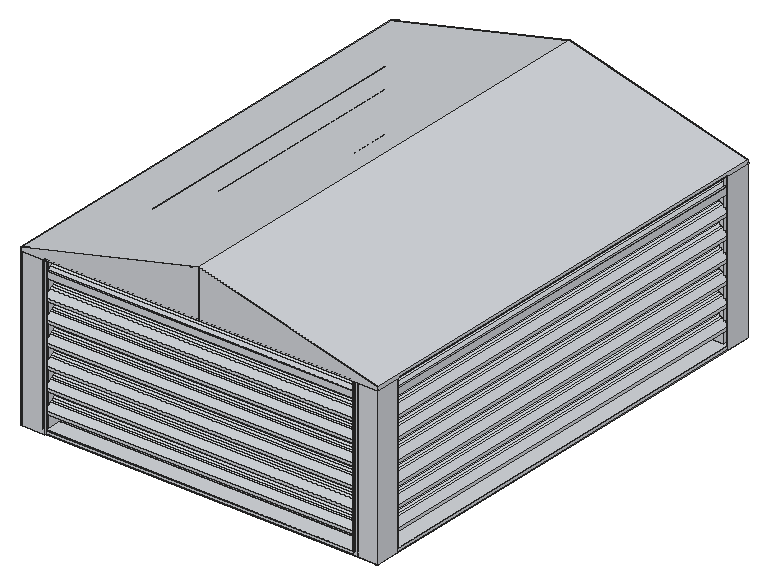
Revit family "PEL-4-SN", category Mechanical Equipment, Revit 2015
Parameters
  URL = "https://unitedenertech.com/catalog/pdf/B_9%20PEL-4-SN.pdf"
  Type Comments = "Louvers will split to Multi Section Assemblies if Max. Sizes are Exceeded. See EL-4 Submittal for Max. Size Listings."
  Model = "PEL-4-SN"
  Manufacturer = "United Enertech Corporation"
  Louver Height [instance] = Height  # 3' - 0"
  Louver B Width [instance] = B + 2' 0"  # 8' - 0"
  Louver A Width [instance] = A + 2' 0"  # 6' - 0"
  Keynote = "Max. Preassembled Size is 72\"w x 220\"l x 80\"h"
  Height = 3' - 0"
  Description = "4\" Deep \"J\" Blade Drainable Snow and Harsh Weather Louvered Penthouse"
  Cap Height [instance] = Height / 3  # 1' - 0"
  B Roof [instance] = B Side O.D. + 0' 0 1/4"  # 8' - 9 1/4"
  B Side O.D. [instance] = Louver B Width + 0' 9"  # 8' - 9"
  B = 6' - 0"
  A Roof [instance] = A Side O.D. + 0' 0 1/4"  # 6' - 9 1/4"
  A Side O.D. [instance] = Louver A Width + 0' 9"  # 6' - 9"
  A = 4' - 0"
Reference planes (in)
  plane 1 "Center (Front/Back)": y = 0
  plane 2: z = 0
  plane 3 "Center (Left/Right)": x = 0
  plane 4: x = -40.5
  plane 5: y = 52.5
  plane 6: x = 40.5
  plane 7: y = -52.5
  plane 8: z = 18
  plane 9: z = 54.22
  plane 10: z = 18.22
  plane 11: y = 36
  plane 12: y = -36
  plane 13: x = -24
  plane 14: x = 24
  plane 15: x = 36
  plane 16: x = -36
  plane 17: y = 48
  plane 18: y = -48
Forms (in)
  Extrusion 1, solid
    sketch origin (39.9625, 19.9659, 0) x (1, 0, 0) y (0, 1, 0)
      loop
        line (-80.5525, 27.1241) -> (-80.4625, 27.1241) -> (-80.4625, 32.5341) -> (-75.0525, 32.5341) -> (-75.0525, 32.6241) -> (-80.5525, 32.6241) -> (-80.5525, 27.1241)
    from 18.22 to 54.22
  Extrusion 2, solid
    sketch origin (-39.9625, 19.9659, 0) x (-1, 0, 0) y (0, -1, 0)
      loop
        line (-80.5525, -27.1241) -> (-80.5525, -32.6241) -> (-75.0525, -32.6241) -> (-75.0525, -32.5341) -> (-80.4625, -32.5341) -> (-80.4625, -27.1241) -> (-80.5525, -27.1241)
    from 18.22 to 54.22
  Extrusion 3, solid
    sketch origin (39.9625, -19.9659, 0) x (1, 0, 0) y (0, 1, 0)
      loop
        line (-80.5525, -27.1241) -> (-80.5525, -32.6241) -> (-75.0525, -32.6241) -> (-75.0525, -32.5341) -> (-80.4625, -32.5341) -> (-80.4625, -27.1241) -> (-80.5525, -27.1241)
    from 18.22 to 54.22
  Extrusion 4, solid
    sketch origin (-39.9625, -19.9659, 0) x (-1, 0, 0) y (0, -1, 0)
      loop
        line (-80.5525, 27.1241) -> (-80.4625, 27.1241) -> (-80.4625, 32.5341) -> (-75.0525, 32.5341) -> (-75.0525, 32.6241) -> (-80.5525, 32.6241) -> (-80.5525, 27.1241)
    from 18.22 to 54.22
  Extrusion 5, solid, material "Steel, Galvanized"
    sketch origin (0, 0, 0) x (1, 0, 0) y (0, 1, 0)
      loop
        line (-40.5, 52.5) -> (-40.5, -52.5) -> (40.5, -52.5) -> (40.5, 52.5) -> (-40.5, 52.5)
      loop
        line (-24, 36) -> (-24, -36) -> (24, -36) -> (24, 36) -> (-24, 36)
    from 18.1722 to 18.22
Dimensions and locks (in)
  equal spacing: plane 4, plane 3 "Center (Left/Right)", plane 6
  "A Side O.D.": plane 4 to plane 6
  equal spacing: plane 5, plane 1 "Center (Front/Back)", plane 7
  "B Side O.D.": plane 5 to plane 7
  locked: plane 8 to plane 10 at 0.22
  "Height": plane 10 to plane 9
  equal spacing: plane 12, plane 1 "Center (Front/Back)", plane 11
  "B": plane 12 to plane 11
  equal spacing: plane 13, plane 3 "Center (Left/Right)", plane 14
  "A": plane 13 to plane 14
  locked: plane 14 to plane 15 at 12
  locked: plane 16 to plane 13 at 12
  locked: plane 17 to plane 11 at 12
  locked: plane 18 to plane 12 at 12
  aligned and locked: level to plane 2
  aligned and locked: plane 3 "Center (Left/Right)" to nested 1
  aligned and locked: nested 1 to plane 7
  aligned and locked: plane 10 to nested 1
  aligned and locked: nested 3 to plane 10
  aligned and locked: nested 3 to plane 3 "Center (Left/Right)"
  aligned and locked: nested 3 to plane 5
  aligned and locked: plane 1 "Center (Front/Back)" to nested 2
  aligned and locked: nested 2 to plane 4
  aligned and locked: plane 10 to nested 2
  aligned and locked: plane 10 to Extrusion 1
  aligned and locked: plane 9 to Extrusion 1
  aligned and locked: Extrusion 2 to plane 5
  aligned and locked: plane 7 to Extrusion 3
  aligned and locked: plane 10 to Extrusion 2
  aligned and locked: plane 9 to Extrusion 2
  aligned and locked: plane 10 to Extrusion 3
  aligned and locked: plane 9 to Extrusion 3
  aligned and locked: plane 10 to Extrusion 4
  aligned and locked: plane 9 to Extrusion 4
  aligned and locked: nested 4 to plane 6
  aligned and locked: nested 4 to plane 1 "Center (Front/Back)"
  aligned and locked: nested 4 to plane 10
  aligned and locked: plane 3 "Center (Left/Right)" to nested 6
  aligned and locked: plane 11 to nested 6
  aligned and locked: nested 7 to plane 12
  aligned and locked: plane 1 "Center (Front/Back)" to nested 5
  aligned and locked: plane 14 to nested 5
  aligned and locked: nested 8 to plane 13
  aligned and locked: nested 7 to plane 8
  aligned and locked: nested 8 to plane 8
  aligned and locked: plane 8 to nested 6
  aligned and locked: plane 8 to nested 5
  aligned and locked: plane 3 "Center (Left/Right)" to nested 9
  aligned and locked: plane 11 to nested 9
  aligned and locked: plane 8 to nested 9
  aligned and locked: nested 11 to plane 3 "Center (Left/Right)"
  aligned and locked: nested 11 to plane 12
  aligned and locked: nested 11 to plane 8
  aligned and locked: plane 1 "Center (Front/Back)" to nested 10
  aligned and locked: plane 8 to nested 10
  aligned and locked: plane 14 to nested 10
  aligned and locked: nested 12 to plane 1 "Center (Front/Back)"
  aligned and locked: nested 12 to plane 13
  aligned and locked: nested 12 to plane 8
  aligned and locked: plane 1 "Center (Front/Back)" to nested 13
  aligned and locked: plane 3 "Center (Left/Right)" to nested 13
  aligned and locked: plane 9 to nested 13
  aligned and locked: Extrusion 5 sketch curve to plane 6
  aligned and locked: plane 7 to Extrusion 5 sketch curve
  aligned and locked: Extrusion 5 sketch curve to plane 5
  aligned and locked: Extrusion 5 sketch curve to plane 4
  aligned and locked: Extrusion 5 sketch curve to plane 14
  aligned and locked: Extrusion 5 sketch curve to plane 12
  aligned and locked: Extrusion 5 sketch curve to plane 13
  aligned and locked: Extrusion 5 sketch curve to plane 11
  aligned and locked: Extrusion 5 to nested 2
  aligned and locked: nested 14 to plane 14
  aligned and locked: nested 14 to plane 12
  aligned and locked: plane 10 to nested 14
  aligned and locked: plane 13 to nested 16
  aligned and locked: plane 12 to nested 16
  aligned and locked: nested 16 to plane 10
  aligned and locked: nested 18 to plane 11
  aligned and locked: nested 18 to plane 13
  aligned and locked: plane 14 to nested 17
  aligned and locked: plane 11 to nested 17
  aligned and locked: plane 10 to nested 18
  aligned and locked: nested 17 to plane 10
  aligned and locked: nested 19 to plane 16
  aligned and locked: nested 19 to plane 18
  aligned and locked: plane 18 to nested 20
  aligned and locked: plane 15 to nested 20
  aligned and locked: plane 16 to nested 21
  aligned and locked: plane 17 to nested 21
  aligned and locked: nested 22 to plane 17
  aligned and locked: nested 22 to plane 15
  aligned and locked: nested 19 to plane 10
  aligned and locked: plane 10 to nested 20
  aligned and locked: plane 10 to nested 21
  aligned and locked: nested 22 to plane 10
  aligned and locked: nested 15 to plane 1 "Center (Front/Back)"
  aligned and locked: nested 15 to nested 20
  aligned and locked: nested 26 to nested 19
  aligned and locked: nested 25 to nested 16
  aligned and locked: nested 24 to nested 14
  aligned and locked: plane 9 to nested 26
  aligned and locked: plane 9 to nested 25
  aligned and locked: plane 9 to nested 24
  aligned and locked: plane 9 to nested 15
  aligned and locked: plane 3 "Center (Left/Right)" to nested 23
  aligned and locked: nested 23 to nested 20
  aligned and locked: nested 27 to nested 16
  aligned and locked: nested 28 to nested 18
  aligned and locked: nested 29 to nested 21
  aligned and locked: nested 23 to nested 26
  aligned and locked: nested 27 to nested 26
  aligned and locked: nested 28 to nested 26
  aligned and locked: nested 29 to nested 26
  aligned and locked: nested 24 to plane 1 "Center (Front/Back)"
  aligned and locked: nested 25 to nested 13
  aligned and locked: nested 26 to plane 1 "Center (Front/Back)"
  aligned and locked: plane 3 "Center (Left/Right)" to nested 27
  aligned and locked: plane 3 "Center (Left/Right)" to nested 29
  aligned and locked: plane 3 "Center (Left/Right)" to nested 28
Automatic sketch dimensions
  Extrusion 1 sketch curve to plane 4 = 0' - 0"
  Extrusion 1 sketch curve to plane 5 = 0' - 0"
  Extrusion 1 sketch curve to Extrusion 1 sketch curve = 0' - 0.09"
  plane 5 to Extrusion 1 sketch curve = 0' - 0.09"
  Extrusion 2 sketch curve to plane 5 = 0' - 0"
  Extrusion 2 sketch curve to plane 6 = 0' - 0"
  Extrusion 2 sketch curve to Extrusion 2 sketch curve = 0' - 0.09"
  Extrusion 2 sketch curve to plane 5 = 0' - 0.09"
  Extrusion 3 sketch curve to plane 4 = 0' - 0"
  Extrusion 3 sketch curve to plane 7 = 0' - 0"
  Extrusion 3 sketch curve to Extrusion 3 sketch curve = 0' - 0.09"
  plane 7 to Extrusion 3 sketch curve = 0' - 0.09"
  Extrusion 4 sketch curve to plane 6 = 0' - 0"
  Extrusion 4 sketch curve to plane 7 = 0' - 0"
  Extrusion 4 sketch curve to Extrusion 4 sketch curve = 0' - 0.09"
  Extrusion 4 sketch curve to plane 7 = 0' - 0.09"
  Extrusion 3 sketch curve to plane 7 = 0' - 5.41"
  plane 7 to Extrusion 4 sketch curve = 0' - 5.41"
  Extrusion 1 sketch curve to plane 5 = 0' - 5.41"
  plane 5 to Extrusion 2 sketch curve = 0' - 5.41"
  plane 6 to Extrusion 2 sketch curve = 0' - 5.41"
  Extrusion 4 sketch curve to plane 6 = 0' - 5.41"
  Extrusion 1 sketch curve to plane 4 = 0' - 5.41"
  plane 4 to Extrusion 3 sketch curve = 0' - 5.41"
Nested families (in)
  nested 1: "EL-4" at (0, -52.5, 18.22), type "EL-4"
    with Blade Number 6, BW 5' - 10 5/16", Exact Width 6' - 0", Exact Height 3' - 0"
  nested 2: "B Side with Blades" at (-40.5, 0, 18.22) x (0, -1, 0) z (0, 0, 1), type "B Side with Blades"
    with Blade Number 6, BW 7' - 10 5/16", Exact Width 8' - 0", Exact Height 3' - 0"
  nested 3: "EL-4" at (0, 52.5, 18.22), type "EL-4"
    with Blade Number 6, BW 5' - 10 5/16", Exact Width 6' - 0", Exact Height 3' - 0"
  nested 4: "B Side with Blades" at (40.5, 0, 18.22) x (0, -1, 0) z (0, 0, 1), type "B Side with Blades"
    with Blade Number 6, BW 7' - 10 5/16", Exact Width 8' - 0", Exact Height 3' - 0"
  nested 5: "Curb Cap Side 2" at (28.875, 0, -0.21007) x (0, -1, 0) z (0, 0, 1), type "Curb Cap Side 2"
    with Width 6' - 0"
  nested 6: "Curb Cap" at (0, 40.875, -0.21007), type "Curb Cap"
    with Width 4' - 0"
  nested 7: "Curb Cap" at (0, -40.875, -0.21007), type "Curb Cap"
    with Width 4' - 0"
  nested 8: "Curb Cap Side 2" at (-28.875, 0, -0.21007) x (0, -1, 0) z (0, 0, 1), type "Curb Cap Side 2"
    with Width 6' - 0"
  nested 9: "SN CAP 1" at (0, 40.875, -0.21007), type "SN CAP 1"
    with Width 4' - 0", H 1' - 0"
  nested 10: "SN CAP 2" at (28.875, 0, -0.21007) x (0, -1, 0) z (0, 0, 1), type "SN CAP 2"
    with Width 6' - 0", H 1' - 0"
  nested 11: "SN CAP 1" at (0, -40.875, -0.21007), type "SN CAP 1"
    with Width 4' - 0", H 1' - 0"
  nested 12: "SN CAP 2" at (-28.875, 0, -0.21007) x (0, -1, 0) z (0, 0, 1), type "SN CAP 2"
    with Width 6' - 0", H 1' - 0"
  nested 13: "SN ROOF" at (0, 0, 53.72), type "SN ROOF"
    with B 8' - 9 1/4", A 6' - 9 1/4"
  nested 14: "Vert Supports" at (24.75, -36.75, 18.22), type "Vert Supports"
    with H 3' - 0"
  nested 15: "Horizontal Supports" at (33.75, -48, 53.47) x (1, 0, 0) z (0, 1, 0), type "Horizontal Supports"
    with H 8' - 0"
  nested 16: "Vert Supports" at (-24.75, -36.75, 18.22) x (-1, 0, 0) z (0, 0, 1), type "Vert Supports"
    with H 3' - 0"
  nested 17: "Vert Supports" at (24.75, 36.75, 18.22), type "Vert Supports"
    with H 3' - 0"
  nested 18: "Vert Supports" at (-24.75, 36.75, 18.22) x (-1, 0, 0) z (0, 0, 1), type "Vert Supports"
    with H 3' - 0"
  nested 19: "Vert Supports" at (-35.25, -47.25, 18.22) x (-1, 0, 0) z (0, 0, 1), type "Vert Supports"
    with H 3' - 0"
  nested 20: "Vert Supports" at (35.25, -47.25, 18.22), type "Vert Supports"
    with H 3' - 0"
  nested 21: "Vert Supports" at (-35.25, 47.25, 18.22) x (-1, 0, 0) z (0, 0, 1), type "Vert Supports"
    with H 3' - 0"
  nested 22: "Vert Supports" at (35.25, 47.25, 18.22), type "Vert Supports"
    with H 3' - 0"
  nested 23: "Horizontal Supports 2" at (-36, -45.75, 51.97) x (0, -1, 0) z (1, 0, 0), type "Horizontal Supports 2"
    with H 6' - 0"
  nested 24: "Horizontal Supports" at (26.25, -48, 53.47) x (1, 0, 0) z (0, 1, 0), type "Horizontal Supports"
    with H 8' - 0"
  nested 25: "Horizontal Supports" at (-26.25, -48, 53.47) x (1, 0, 0) z (0, 1, 0), type "Horizontal Supports"
    with H 8' - 0"
  nested 26: "Horizontal Supports" at (-33.75, -48, 53.47) x (1, 0, 0) z (0, 1, 0), type "Horizontal Supports"
    with H 8' - 0"
  nested 27: "Horizontal Supports 2" at (-36, -38.25, 51.97) x (0, -1, 0) z (1, 0, 0), type "Horizontal Supports 2"
    with H 6' - 0"
  nested 28: "Horizontal Supports 2" at (-36, 38.25, 51.97) x (0, -1, 0) z (1, 0, 0), type "Horizontal Supports 2"
    with H 6' - 0"
  nested 29: "Horizontal Supports 2" at (-36, 45.75, 51.97) x (0, -1, 0) z (1, 0, 0), type "Horizontal Supports 2"
    with H 6' - 0"
Definition of nested family "EL-4"
  Parameters (values of type "EL-4")
    URL = "http://unitedenertech.com/catalog/pdf/A_8%20EL-4.pdf"
    Type Comments = "Max. Single Section Size is (120\"w  x  84\"h) or (84\"h  x  120\"w)"
    Model = "EL-4"
    Manufacturer = "United Enertech Corporation"
    Exact Width = 4' - 0"
    Exact Height = 4' - 0"
    Description = "Fixed 4\" Louver"
    Depth = 0' - 4.21363"
    Blade Spacing = 0' - 4 5/8"
    Blade Number [instance] = rounddown((Exact Height - 0' 4 7/8") / 0' 4 5/8")  # 9
    BW [instance] = Exact Width - 0' 1 11/16"  # 3' - 10 5/16"
  Reference planes (in)
    plane 1 "Center (Front/Back)": y = 0
    plane 2: z = 0
    plane 3 "Center (Left/Right)": x = 0
    plane 4: x = -24
    plane 5: x = 24
    plane 6: z = 48
    plane 7: x = -23.166
    plane 8: x = 23.166
    plane 9: z = 0.875
    plane 10: y = 4.21363
    plane 11: z = 44
  Forms (in)
    Extrusion 1, solid
      sketch origin (-29.66294, -49.65479, 0) x (0, -1, 0) y (1, 0, 0)
        loop
          line (-53.59942, 5.66294) -> (-53.59942, 5.74394) -> (-53.70642, 5.74394) -> (-53.70642, 6.41594) -> (-50.70642, 6.41594) -> (-50.70642, 5.70894) -> (-50.28742, 5.70894) -> (-50.28742, 5.66294) -> (-50.20642, 5.66294) -> (-50.20642, 5.70894) -> (-50.14442, 5.70894) -> (-50.14442, 5.78994) -> (-50.20642, 5.78994) -> (-50.20642, 5.87794) -> (-49.78742, 5.87794) -> (-49.78742, 5.78994) -> (-49.92542, 5.78994) -> (-49.92542, 5.70894) -> (-49.70642, 5.70894) -> (-49.70642, 6.6854) -> (-49.65479, 6.6854) -> (-49.65479, 6.78794) -> (-49.78742, 6.78794) -> (-49.78742, 6.49694) -> (-49.89442, 6.49694) -> (-49.89442, 6.41594) -> (-49.78742, 6.41594) -> (-49.78742, 5.95894) -> (-50.28742, 5.95894) -> (-50.28742, 5.78994) -> (-50.62542, 5.78994) -> (-50.62542, 6.49694) -> (-53.73742, 6.49694) -> (-53.73742, 6.78794) -> (-53.78742, 6.78794) -> (-53.78742, 5.66294) -> (-53.59942, 5.66294)
      from 0.875 to 48
    Extrusion 2, solid
      sketch origin (29.66294, -49.65479, 0) x (0, -1, 0) y (1, 0, 0)
        loop
          line (-53.59942, -5.66294) -> (-53.78742, -5.66294) -> (-53.78742, -6.78794) -> (-53.73742, -6.78794) -> (-53.73742, -6.49694) -> (-50.62542, -6.49694) -> (-50.62542, -5.78994) -> (-50.28742, -5.78994) -> (-50.28742, -5.95894) -> (-49.78742, -5.95894) -> (-49.78742, -6.41594) -> (-49.89442, -6.41594) -> (-49.89442, -6.49694) -> (-49.78742, -6.49694) -> (-49.78742, -6.78794) -> (-49.65479, -6.78794) -> (-49.65479, -6.6854) -> (-49.70642, -6.6854) -> (-49.70642, -5.70894) -> (-49.92542, -5.70894) -> (-49.92542, -5.78994) -> (-49.78742, -5.78994) -> (-49.78742, -5.87794) -> (-50.20642, -5.87794) -> (-50.20642, -5.78994) -> (-50.14442, -5.78994) -> (-50.14442, -5.70894) -> (-50.20642, -5.70894) -> (-50.20642, -5.66294) -> (-50.28742, -5.66294) -> (-50.28742, -5.70894) -> (-50.70642, -5.70894) -> (-50.70642, -6.41594) -> (-53.70642, -6.41594) -> (-53.70642, -5.74394) -> (-53.59942, -5.74394) -> (-53.59942, -5.66294)
      from 0.875 to 48
    Extrusion 3, solid
      sketch origin (-57.96539, 54.07221, -28.49404) x (0, 1, 0) y (0, 0, 1)
        loop
          line (-53.52057, 28.49404) -> (-53.43957, 28.49404) -> (-53.43957, 28.81904) -> (-53.93957, 28.81904) -> (-53.93957, 29.28804) -> (-49.93957, 29.28804) -> (-49.93957, 28.57504) -> (-50.04657, 28.57504) -> (-50.04657, 28.49404) -> (-49.85857, 28.49404) -> (-49.85857, 32.16904) -> (-49.93957, 32.16904) -> (-49.93957, 29.36904) -> (-54.07221, 29.36904) -> (-54.07221, 29.28804) -> (-54.02057, 29.28804) -> (-54.02057, 28.56904) -> (-53.80257, 28.56904) -> (-53.80257, 28.65004) -> (-53.93957, 28.65004) -> (-53.93957, 28.73804) -> (-53.52057, 28.73804) -> (-53.52057, 28.65004) -> (-53.58357, 28.65004) -> (-53.58357, 28.56904) -> (-53.52057, 28.56904) -> (-53.52057, 28.49404)
      from 33.96539 to 81.96539
    Extrusion 4, solid
      sketch origin (0, -4.95997, -5.16732) x (0, 1, 0) y (0, 0, 1)
        loop
          line (5.0926, 48.96871) -> (5.1736, 48.98562) -> (5.1736, 49.16966) -> (5.80531, 49.61935) -> (5.80531, 50.18878) -> (6.22811, 50.82999) -> (6.37647, 50.92928) -> (6.73966, 51.16395) -> (7.46295, 51.63128) -> (8.34759, 52.54232) -> (8.94132, 52.54232) -> (8.94132, 52.29232) -> (9.02232, 52.29232) -> (9.02232, 53.16732) -> (8.83432, 53.16732) -> (8.83432, 53.08632) -> (8.94132, 53.08632) -> (8.94132, 52.62332) -> (5.2054, 52.62332) -> (5.17343, 52.6553) -> (5.17343, 52.84232) -> (5.64813, 52.84232) -> (5.64813, 53.09232) -> (5.59232, 53.09232) -> (5.59232, 53.16732) -> (5.51132, 53.16732) -> (5.51132, 53.09232) -> (5.44932, 53.09232) -> (5.44932, 53.01132) -> (5.56713, 53.01132) -> (5.56713, 52.92332) -> (5.17343, 52.92332) -> (5.17343, 53.01132) -> (5.23032, 53.01132) -> (5.23032, 53.09232) -> (5.09227, 53.09232) -> (5.09227, 52.62332) -> (5.8875, 51.82808) -> (5.94407, 51.88465) -> (5.28554, 52.54318) -> (8.23552, 52.54318) -> (7.40333, 51.6892) -> (6.17378, 50.89475) -> (5.72431, 50.21308) -> (5.72431, 49.66112) -> (5.1736, 49.26909) -> (5.1736, 50.32304) -> (5.0926, 50.32304) -> (5.0926, 48.96871)
      from -23.166 to 23.166
  Dimensions and locks (in)
    equal spacing: plane 4, plane 3 "Center (Left/Right)", plane 5
    "Exact Width": plane 4 to plane 5
    "Exact Height": plane 6 to level
    locked: plane 4 to plane 7 at 0.834
    locked: plane 8 to plane 5 at 0.834
    locked: plane 9 to level at 0.875
    "Depth": plane 1 "Center (Front/Back)" to plane 10
    locked: plane 6 to plane 11 at 4
    equal spacing: group 1, group 2, group 3, group 4, group 5, group 6, group 7, group 8, group 9  (x2)
    equal spacing: group 9, group 8, group 7, group 6, group 5, group 4, group 3, group 2, group 1
    "Blade Spacing": nested 2 to nested 1
    aligned and locked: level to plane 2
    aligned and locked: Extrusion 3 to plane 5
    aligned and locked: plane 4 to Extrusion 3
    aligned and locked: Extrusion 1 to plane 9
    aligned and locked: Extrusion 2 to plane 9
    aligned and locked: plane 6 to Extrusion 1
    aligned and locked: plane 6 to Extrusion 2
    aligned and locked: plane 6 to Extrusion 4
    aligned and locked: plane 7 to Extrusion 4
    aligned and locked: Extrusion 4 to plane 8
    aligned and locked: plane 3 "Center (Left/Right)" to nested 1
    aligned and locked: plane 11 to nested 1
    aligned and locked: nested 2 to nested 1
  Automatic sketch dimensions
    Extrusion 1 sketch curve to plane 4 = 0' - 0"  (x2)
    Extrusion 1 sketch curve to plane 7 = 0' - 0"  (x2)
    plane 1 "Center (Front/Back)" to Extrusion 1 sketch curve = 0' - 0"
    Extrusion 1 sketch curve to plane 1 "Center (Front/Back)" = 0' - 0.05163"
    Extrusion 1 sketch curve to plane 1 "Center (Front/Back)" = 0' - 0.13263"
    Extrusion 1 sketch curve to Extrusion 1 sketch curve = 0' - 0"
    Extrusion 1 sketch curve to Extrusion 1 sketch curve = 0' - 0.081"  (x8)
    Extrusion 1 sketch curve to Extrusion 1 sketch curve = 0' - 0.107"  (x2)
    Extrusion 1 sketch curve to Extrusion 1 sketch curve = 0' - 0.138"
    Extrusion 1 sketch curve to Extrusion 1 sketch curve = 0' - 0.219"
    Extrusion 1 sketch curve to Extrusion 1 sketch curve = 0' - 0.062"  (x2)
    Extrusion 1 sketch curve to plane 4 = 0' - 0.127"
    Extrusion 1 sketch curve to Extrusion 1 sketch curve = 0' - 0.338"
    Extrusion 1 sketch curve to Extrusion 1 sketch curve = 0' - 2.893"
    plane 7 to Extrusion 1 sketch curve = 0' - 0.081"  (x2)
    Extrusion 1 sketch curve to Extrusion 1 sketch curve = 0' - 0.031"
    Extrusion 1 sketch curve to Extrusion 1 sketch curve = 0' - 0.05"
    Extrusion 1 sketch curve to plane 4 = 0' - 0.046"  (x3)
    Extrusion 1 sketch curve to Extrusion 1 sketch curve = 0' - 0.088"
    Extrusion 1 sketch curve to plane 7 = 0' - 0.18846"
    Extrusion 1 sketch curve to Extrusion 1 sketch curve = 0' - 0.291"
    Extrusion 1 sketch curve to Extrusion 1 sketch curve = 0' - 0.10254"
    Extrusion 2 sketch curve to plane 5 = 0' - 0"  (x2)
    Extrusion 2 sketch curve to plane 8 = 0' - 0"  (x2)
    plane 1 "Center (Front/Back)" to Extrusion 2 sketch curve = 0' - 0"
    Extrusion 2 sketch curve to plane 1 "Center (Front/Back)" = 0' - 0.05163"
    Extrusion 2 sketch curve to plane 1 "Center (Front/Back)" = 0' - 0.13263"
    Extrusion 2 sketch curve to Extrusion 2 sketch curve = 0' - 0"
    Extrusion 2 sketch curve to Extrusion 2 sketch curve = 0' - 0.081"  (x6)
    Extrusion 2 sketch curve to Extrusion 2 sketch curve = 0' - 0.107"  (x2)
    Extrusion 2 sketch curve to Extrusion 2 sketch curve = 0' - 0.138"
    Extrusion 2 sketch curve to Extrusion 2 sketch curve = 0' - 0.219"
    Extrusion 2 sketch curve to Extrusion 2 sketch curve = 0' - 0.062"  (x2)
    plane 5 to Extrusion 2 sketch curve = 0' - 0.127"  (x2)
    Extrusion 2 sketch curve to Extrusion 2 sketch curve = 0' - 0.338"
    Extrusion 2 sketch curve to Extrusion 2 sketch curve = 0' - 2.893"
    Extrusion 2 sketch curve to plane 8 = 0' - 0.081"  (x2)
    Extrusion 2 sketch curve to Extrusion 2 sketch curve = 0' - 0.031"
    Extrusion 2 sketch curve to Extrusion 2 sketch curve = 0' - 0.05"
    plane 8 to Extrusion 2 sketch curve = 0' - 0.18846"
    Extrusion 2 sketch curve to Extrusion 2 sketch curve = 0' - 0.291"
    Extrusion 2 sketch curve to Extrusion 2 sketch curve = 0' - 0.10254"
    plane 5 to Extrusion 2 sketch curve = 0' - 0.296"
    Extrusion 2 sketch curve to Extrusion 2 sketch curve = 0' - 0.088"
    plane 5 to Extrusion 2 sketch curve = 0' - 0.046"  (x3)
    Extrusion 3 sketch curve to plane 1 "Center (Front/Back)" = 0' - 0"
    Extrusion 3 sketch curve to level = 0' - 0"  (x2)
    Extrusion 3 sketch curve to plane 9 = 0' - 0"
    Extrusion 3 sketch curve to Extrusion 3 sketch curve = 0' - 0.05163"
    Extrusion 3 sketch curve to Extrusion 3 sketch curve = 0' - 0.081"  (x6)
    Extrusion 3 sketch curve to Extrusion 3 sketch curve = 0' - 0"  (x2)
    Extrusion 3 sketch curve to Extrusion 3 sketch curve = 0' - 0.137"
    level to Extrusion 3 sketch curve = 0' - 0.075"  (x2)
    Extrusion 3 sketch curve to Extrusion 3 sketch curve = 0' - 0.219"
    Extrusion 3 sketch curve to Extrusion 3 sketch curve = 0' - 0.063"  (x2)
    Extrusion 3 sketch curve to Extrusion 3 sketch curve = 0' - 3.393"
    Extrusion 3 sketch curve to Extrusion 3 sketch curve = 0' - 0.107"
    level to Extrusion 3 sketch curve = 0' - 0.081"
    Extrusion 3 sketch curve to Extrusion 3 sketch curve = 0' - 0.088"
    Extrusion 3 sketch curve to plane 9 = 0' - 0.081"  (x2)
    Extrusion 3 sketch curve to Extrusion 3 sketch curve = 0' - 2.8"
    Extrusion 4 sketch curve to plane 6 = 0' - 2.84428"
    Extrusion 4 sketch curve to plane 1 "Center (Front/Back)" = 0' - 0.13263"
    Extrusion 4 sketch curve to Extrusion 4 sketch curve = 0' - 0.08082"
    Extrusion 4 sketch curve to Extrusion 4 sketch curve = 0' - 0"  (x3)
    Extrusion 4 sketch curve to Extrusion 4 sketch curve = 0' - 0.081"  (x10)
    Extrusion 4 sketch curve to Extrusion 4 sketch curve = 0' - 0.03198"  (x2)
    Extrusion 4 sketch curve to Extrusion 4 sketch curve = 0' - 0.05689"
    Extrusion 4 sketch curve to Extrusion 4 sketch curve = 0' - 0.08014"
    Extrusion 4 sketch curve to Extrusion 4 sketch curve = 0' - 0.219"
    Extrusion 4 sketch curve to Extrusion 4 sketch curve = 0' - 0.062"
    Extrusion 4 sketch curve to Extrusion 4 sketch curve = 0' - 0.05581"  (x2)
    Extrusion 4 sketch curve to Extrusion 4 sketch curve = 0' - 0.55071"
    Extrusion 4 sketch curve to Extrusion 4 sketch curve = 0' - 0.60196"
    Extrusion 4 sketch curve to plane 6 = 0' - 1.28267"
    Extrusion 4 sketch curve to Extrusion 4 sketch curve = 0' - 0.05657"  (x2)
    Extrusion 4 sketch curve to plane 6 = 0' - 2.27257"
    Extrusion 4 sketch curve to Extrusion 4 sketch curve = 0' - 0.36847"
    Extrusion 4 sketch curve to plane 6 = 0' - 2.33733"
    Extrusion 4 sketch curve to Extrusion 4 sketch curve = 0' - 0.05432"
    Extrusion 4 sketch curve to plane 6 = 0' - 2.23804"
    Extrusion 4 sketch curve to Extrusion 4 sketch curve = 0' - 0.14837"
    Extrusion 4 sketch curve to plane 6 = 0' - 2.00337"
    Extrusion 4 sketch curve to Extrusion 4 sketch curve = 0' - 0.36319"
    Extrusion 4 sketch curve to plane 6 = 0' - 1.47813"
    Extrusion 4 sketch curve to Extrusion 4 sketch curve = 0' - 0.66366"
    Extrusion 4 sketch curve to plane 6 = 0' - 1.53604"
    Extrusion 4 sketch curve to Extrusion 4 sketch curve = 0' - 0.05962"
    Extrusion 4 sketch curve to Extrusion 4 sketch curve = 0' - 0.83219"
    Extrusion 4 sketch curve to Extrusion 4 sketch curve = 0' - 0.11207"
    Extrusion 4 sketch curve to Extrusion 4 sketch curve = 0' - 0.48673"
    Extrusion 4 sketch curve to Extrusion 4 sketch curve = 0' - 0.107"
    Extrusion 4 sketch curve to Extrusion 4 sketch curve = 0' - 0.10997"
    Extrusion 4 sketch curve to Extrusion 4 sketch curve = 0' - 0.0243"
    Extrusion 4 sketch curve to Extrusion 4 sketch curve = 0' - 0.52766"
    Extrusion 4 sketch curve to Extrusion 4 sketch curve = 0' - 0.04177"
    Extrusion 4 sketch curve to Extrusion 4 sketch curve = 0' - 0.39203"
    Extrusion 4 sketch curve to Extrusion 4 sketch curve = 0' - 0.09943"
    Extrusion 4 sketch curve to Extrusion 4 sketch curve = 0' - 0.18404"
    Extrusion 4 sketch curve to Extrusion 4 sketch curve = 0' - 0.01691"
    Extrusion 4 sketch curve to Extrusion 4 sketch curve = 0' - 0.25086"
    Extrusion 4 sketch curve to Extrusion 4 sketch curve = 0' - 0 1/4"
    Extrusion 4 sketch curve to Extrusion 4 sketch curve = 0' - 0.18702"
    Extrusion 4 sketch curve to Extrusion 4 sketch curve = 0' - 0.088"  (x2)
    Extrusion 4 sketch curve to Extrusion 4 sketch curve = 0' - 0.463"
    Extrusion 4 sketch curve to Extrusion 4 sketch curve = 0' - 0.075"
    Extrusion 4 sketch curve to Extrusion 4 sketch curve = 0' - 0.08116"
  Nested families (in)
    nested 1: "EL-4 Blade" at (0, 4.92101, 35.5882), type "EL-4 Blade"
      with Blade Width 3' - 10 5/16"
    nested 2: "EL-4 Blade" at (0, 4.92101, 30.9632), type "EL-4 Blade"
      with Blade Width 3' - 10 5/16"
    nested 3: "EL-4 Blade" at (0, 4.92101, 26.3382), type "EL-4 Blade"
      with Blade Width 3' - 10 5/16"
    nested 4: "EL-4 Blade" at (0, 4.92101, 21.7132), type "EL-4 Blade"
      with Blade Width 3' - 10 5/16"
    nested 5: "EL-4 Blade" at (0, 4.92101, 17.0882), type "EL-4 Blade"
      with Blade Width 3' - 10 5/16"
    nested 6: "EL-4 Blade" at (0, 4.92101, 12.4632), type "EL-4 Blade"
      with Blade Width 3' - 10 5/16"
    nested 7: "EL-4 Blade" at (0, 4.92101, 7.8382), type "EL-4 Blade"
      with Blade Width 3' - 10 5/16"
    nested 8: "EL-4 Blade" at (0, 4.92101, 3.2132), type "EL-4 Blade"
      with Blade Width 3' - 10 5/16"
    nested 9: "EL-4 Blade" at (0, 4.92101, -1.4118), type "EL-4 Blade"
      with Blade Width 3' - 10 5/16"
  Definition of nested family "EL-4 Blade"
    Parameters (values of type "EL-4 Blade")
      Blade Width = 1' - 6"
    Reference planes (in)
      plane 1 "Center (Front/Back)": y = 0
      plane 2: z = 0
      plane 3 "Center (Left/Right)": x = 0
      plane 4: x = -9
      plane 5: x = 9
    Forms (in)
      Extrusion 1, solid
        sketch origin (-10.70347, -9.60614, 8.80962) x (0, 1, 0) y (0, 0, 1)
          loop
            line (4.81777, -5.22142) -> (4.89877, -5.20451) -> (4.89877, -4.65643) -> (5.94601, -3.32804) -> (6.10223, -3.26126) -> (6.59277, -2.97805) -> (7.06625, -2.63173) -> (7.46443, -2.27055) -> (7.87309, -1.81036) -> (7.93365, -1.7391) -> (8.19133, -1.64781) -> (8.77529, -1.64781) -> (8.77529, -0.39781) -> (8.65029, -0.39781) -> (8.65029, -0.47911) -> (8.69429, -0.47911) -> (8.69429, -1.56681) -> (8.17804, -1.56681) -> (7.88437, -1.66476) -> (7.54911, -2.06666) -> (7.20133, -2.41027) -> (6.79536, -2.74072) -> (6.37764, -3.0179) -> (5.92224, -3.26034) -> (4.81777, -4.61709) -> (4.81777, -5.22142)
        from 1.70347 to 19.70347
    Dimensions and locks (in)
      equal spacing: plane 4, plane 3 "Center (Left/Right)", plane 5
      "Blade Width": plane 4 to plane 5
      aligned and locked: level to plane 2
      aligned and locked: plane 4 to Extrusion 1
      aligned and locked: plane 5 to Extrusion 1
    Automatic sketch dimensions
      plane 1 "Center (Front/Back)" to Extrusion 1 sketch curve = 0' - 4.78838"
      Extrusion 1 sketch curve to Extrusion 1 sketch curve = 0' - 0.081"  (x3)
      Extrusion 1 sketch curve to Extrusion 1 sketch curve = 0' - 1.02348"
      Extrusion 1 sketch curve to Extrusion 1 sketch curve = 0' - 0.02377"
      Extrusion 1 sketch curve to Extrusion 1 sketch curve = 0' - 0.15623"
      Extrusion 1 sketch curve to Extrusion 1 sketch curve = 0' - 0.27541"
      Extrusion 1 sketch curve to Extrusion 1 sketch curve = 0' - 0.21513"
      Extrusion 1 sketch curve to Extrusion 1 sketch curve = 0' - 0.20259"
      Extrusion 1 sketch curve to Extrusion 1 sketch curve = 0' - 0.27089"
      Extrusion 1 sketch curve to Extrusion 1 sketch curve = 0' - 0.13508"
      Extrusion 1 sketch curve to Extrusion 1 sketch curve = 0' - 0.2631"
      Extrusion 1 sketch curve to Extrusion 1 sketch curve = 0' - 0.08468"
      Extrusion 1 sketch curve to Extrusion 1 sketch curve = 0' - 0.32399"
      Extrusion 1 sketch curve to Extrusion 1 sketch curve = 0' - 0.01128"
      Extrusion 1 sketch curve to Extrusion 1 sketch curve = 0' - 0.04928"
      Extrusion 1 sketch curve to Extrusion 1 sketch curve = 0' - 0.24439"
      Extrusion 1 sketch curve to Extrusion 1 sketch curve = 0' - 0.01329"
      plane 1 "Center (Front/Back)" to Extrusion 1 sketch curve = 0' - 0.95585"
      Extrusion 1 sketch curve to Extrusion 1 sketch curve = 0' - 0.044"
      level to Extrusion 1 sketch curve = 0' - 3.5882"
      Extrusion 1 sketch curve to Extrusion 1 sketch curve = 0' - 0.01691"
      Extrusion 1 sketch curve to Extrusion 1 sketch curve = 0' - 0.54808"
      Extrusion 1 sketch curve to Extrusion 1 sketch curve = 0' - 0.03934"
      Extrusion 1 sketch curve to Extrusion 1 sketch curve = 0' - 1.32839"
      Extrusion 1 sketch curve to Extrusion 1 sketch curve = 0' - 0.06678"
      Extrusion 1 sketch curve to Extrusion 1 sketch curve = 0' - 0.0677"
      Extrusion 1 sketch curve to Extrusion 1 sketch curve = 0' - 0.24336"
      Extrusion 1 sketch curve to Extrusion 1 sketch curve = 0' - 0.03985"
      Extrusion 1 sketch curve to Extrusion 1 sketch curve = 0' - 0.23733"
      Extrusion 1 sketch curve to Extrusion 1 sketch curve = 0' - 0.10899"
      Extrusion 1 sketch curve to Extrusion 1 sketch curve = 0' - 0.22146"
      Extrusion 1 sketch curve to Extrusion 1 sketch curve = 0' - 0.13972"
      Extrusion 1 sketch curve to Extrusion 1 sketch curve = 0' - 0.20389"
      Extrusion 1 sketch curve to Extrusion 1 sketch curve = 0' - 0.2563"
      Extrusion 1 sketch curve to Extrusion 1 sketch curve = 0' - 0.07127"
      Extrusion 1 sketch curve to Extrusion 1 sketch curve = 0' - 0.07433"
      Extrusion 1 sketch curve to Extrusion 1 sketch curve = 0' - 0.09128"
      Extrusion 1 sketch curve to Extrusion 1 sketch curve = 0' - 1.0877"
      Extrusion 1 sketch curve to Extrusion 1 sketch curve = 0' - 0.0813"
Definition of nested family "B Side with Blades"
  Parameters (values of type "B Side with Blades")
    URL = "http://unitedenertech.com/catalog/pdf/A_8%20EL-4.pdf"
    Type Comments = "Max. Single Section Size is (120\"w  x  84\"h) or (84\"h  x  120\"w)"
    Model = "EL-4"
    Manufacturer = "United Enertech Corporation"
    Exact Width = 4' - 0"
    Exact Height = 4' - 0"
    Description = "Fixed 4\" Louver"
    Depth = 0' - 4.21363"
    Blade Spacing = 0' - 4 5/8"
    Blade Number [instance] = rounddown((Exact Height - 0' 4 7/8") / 0' 4 5/8")  # 9
    BW [instance] = Exact Width - 0' 1 11/16"  # 3' - 10 5/16"
  Reference planes (in)
    plane 1 "Center (Front/Back)": y = 0
    plane 2: z = 0
    plane 3 "Center (Left/Right)": x = 0
    plane 4: x = -24
    plane 5: x = 24
    plane 6: z = 48
    plane 7: x = -23.166
    plane 8: x = 23.166
    plane 9: z = 0.875
    plane 10: y = 4.21363
    plane 11: z = 44
  Forms (in)
    Extrusion 1, solid
      sketch origin (-29.66294, -49.65479, 0) x (0, -1, 0) y (1, 0, 0)
        loop
          line (-53.59942, 5.66294) -> (-53.59942, 5.74394) -> (-53.70642, 5.74394) -> (-53.70642, 6.41594) -> (-50.70642, 6.41594) -> (-50.70642, 5.70894) -> (-50.28742, 5.70894) -> (-50.28742, 5.66294) -> (-50.20642, 5.66294) -> (-50.20642, 5.70894) -> (-50.14442, 5.70894) -> (-50.14442, 5.78994) -> (-50.20642, 5.78994) -> (-50.20642, 5.87794) -> (-49.78742, 5.87794) -> (-49.78742, 5.78994) -> (-49.92542, 5.78994) -> (-49.92542, 5.70894) -> (-49.70642, 5.70894) -> (-49.70642, 6.6854) -> (-49.65479, 6.6854) -> (-49.65479, 6.78794) -> (-49.78742, 6.78794) -> (-49.78742, 6.49694) -> (-49.89442, 6.49694) -> (-49.89442, 6.41594) -> (-49.78742, 6.41594) -> (-49.78742, 5.95894) -> (-50.28742, 5.95894) -> (-50.28742, 5.78994) -> (-50.62542, 5.78994) -> (-50.62542, 6.49694) -> (-53.73742, 6.49694) -> (-53.73742, 6.78794) -> (-53.78742, 6.78794) -> (-53.78742, 5.66294) -> (-53.59942, 5.66294)
      from 0.875 to 48
    Extrusion 2, solid
      sketch origin (29.66294, -49.65479, 0) x (0, -1, 0) y (1, 0, 0)
        loop
          line (-53.59942, -5.66294) -> (-53.78742, -5.66294) -> (-53.78742, -6.78794) -> (-53.73742, -6.78794) -> (-53.73742, -6.49694) -> (-50.62542, -6.49694) -> (-50.62542, -5.78994) -> (-50.28742, -5.78994) -> (-50.28742, -5.95894) -> (-49.78742, -5.95894) -> (-49.78742, -6.41594) -> (-49.89442, -6.41594) -> (-49.89442, -6.49694) -> (-49.78742, -6.49694) -> (-49.78742, -6.78794) -> (-49.65479, -6.78794) -> (-49.65479, -6.6854) -> (-49.70642, -6.6854) -> (-49.70642, -5.70894) -> (-49.92542, -5.70894) -> (-49.92542, -5.78994) -> (-49.78742, -5.78994) -> (-49.78742, -5.87794) -> (-50.20642, -5.87794) -> (-50.20642, -5.78994) -> (-50.14442, -5.78994) -> (-50.14442, -5.70894) -> (-50.20642, -5.70894) -> (-50.20642, -5.66294) -> (-50.28742, -5.66294) -> (-50.28742, -5.70894) -> (-50.70642, -5.70894) -> (-50.70642, -6.41594) -> (-53.70642, -6.41594) -> (-53.70642, -5.74394) -> (-53.59942, -5.74394) -> (-53.59942, -5.66294)
      from 0.875 to 48
    Extrusion 3, solid
      sketch origin (-57.96539, 54.07221, -28.49404) x (0, 1, 0) y (0, 0, 1)
        loop
          line (-53.52057, 28.49404) -> (-53.43957, 28.49404) -> (-53.43957, 28.81904) -> (-53.93957, 28.81904) -> (-53.93957, 29.28804) -> (-49.93957, 29.28804) -> (-49.93957, 28.57504) -> (-50.04657, 28.57504) -> (-50.04657, 28.49404) -> (-49.85857, 28.49404) -> (-49.85857, 32.16904) -> (-49.93957, 32.16904) -> (-49.93957, 29.36904) -> (-54.07221, 29.36904) -> (-54.07221, 29.28804) -> (-54.02057, 29.28804) -> (-54.02057, 28.56904) -> (-53.80257, 28.56904) -> (-53.80257, 28.65004) -> (-53.93957, 28.65004) -> (-53.93957, 28.73804) -> (-53.52057, 28.73804) -> (-53.52057, 28.65004) -> (-53.58357, 28.65004) -> (-53.58357, 28.56904) -> (-53.52057, 28.56904) -> (-53.52057, 28.49404)
      from 33.96539 to 81.96539
    Extrusion 4, solid
      sketch origin (0, -4.95997, -5.16732) x (0, 1, 0) y (0, 0, 1)
        loop
          line (5.0926, 48.96871) -> (5.1736, 48.98562) -> (5.1736, 49.16966) -> (5.80531, 49.61935) -> (5.80531, 50.18878) -> (6.22811, 50.82999) -> (6.37647, 50.92928) -> (6.73966, 51.16395) -> (7.46295, 51.63128) -> (8.34759, 52.54232) -> (8.94132, 52.54232) -> (8.94132, 52.29232) -> (9.02232, 52.29232) -> (9.02232, 53.16732) -> (8.83432, 53.16732) -> (8.83432, 53.08632) -> (8.94132, 53.08632) -> (8.94132, 52.62332) -> (5.2054, 52.62332) -> (5.17343, 52.6553) -> (5.17343, 52.84232) -> (5.64813, 52.84232) -> (5.64813, 53.09232) -> (5.59232, 53.09232) -> (5.59232, 53.16732) -> (5.51132, 53.16732) -> (5.51132, 53.09232) -> (5.44932, 53.09232) -> (5.44932, 53.01132) -> (5.56713, 53.01132) -> (5.56713, 52.92332) -> (5.17343, 52.92332) -> (5.17343, 53.01132) -> (5.23032, 53.01132) -> (5.23032, 53.09232) -> (5.09227, 53.09232) -> (5.09227, 52.62332) -> (5.8875, 51.82808) -> (5.94407, 51.88465) -> (5.28554, 52.54318) -> (8.23552, 52.54318) -> (7.40333, 51.6892) -> (6.17378, 50.89475) -> (5.72431, 50.21308) -> (5.72431, 49.66112) -> (5.1736, 49.26909) -> (5.1736, 50.32304) -> (5.0926, 50.32304) -> (5.0926, 48.96871)
      from -23.166 to 23.166
  Dimensions and locks (in)
    equal spacing: plane 4, plane 3 "Center (Left/Right)", plane 5
    "Exact Width": plane 4 to plane 5
    "Exact Height": plane 6 to level
    locked: plane 4 to plane 7 at 0.834
    locked: plane 8 to plane 5 at 0.834
    locked: plane 9 to level at 0.875
    "Depth": plane 1 "Center (Front/Back)" to plane 10
    locked: plane 6 to plane 11 at 4
    equal spacing: group 1, group 2, group 3, group 4, group 5, group 6, group 7, group 8, group 9  (x2)
    equal spacing: group 9, group 8, group 7, group 6, group 5, group 4, group 3, group 2, group 1
    "Blade Spacing": nested 2 to nested 1
    aligned and locked: level to plane 2
    aligned and locked: Extrusion 3 to plane 5
    aligned and locked: plane 4 to Extrusion 3
    aligned and locked: Extrusion 1 to plane 9
    aligned and locked: Extrusion 2 to plane 9
    aligned and locked: plane 6 to Extrusion 1
    aligned and locked: plane 6 to Extrusion 2
    aligned and locked: plane 6 to Extrusion 4
    aligned and locked: plane 7 to Extrusion 4
    aligned and locked: Extrusion 4 to plane 8
    aligned and locked: plane 3 "Center (Left/Right)" to nested 1
    aligned and locked: plane 11 to nested 1
    aligned and locked: nested 2 to nested 1
  Automatic sketch dimensions
    Extrusion 1 sketch curve to plane 4 = 0' - 0"  (x2)
    Extrusion 1 sketch curve to plane 7 = 0' - 0"  (x2)
    plane 1 "Center (Front/Back)" to Extrusion 1 sketch curve = 0' - 0"
    Extrusion 1 sketch curve to plane 1 "Center (Front/Back)" = 0' - 0.05163"
    Extrusion 1 sketch curve to plane 1 "Center (Front/Back)" = 0' - 0.13263"
    Extrusion 1 sketch curve to Extrusion 1 sketch curve = 0' - 0"
    Extrusion 1 sketch curve to Extrusion 1 sketch curve = 0' - 0.081"  (x8)
    Extrusion 1 sketch curve to Extrusion 1 sketch curve = 0' - 0.107"  (x2)
    Extrusion 1 sketch curve to Extrusion 1 sketch curve = 0' - 0.138"
    Extrusion 1 sketch curve to Extrusion 1 sketch curve = 0' - 0.219"
    Extrusion 1 sketch curve to Extrusion 1 sketch curve = 0' - 0.062"  (x2)
    Extrusion 1 sketch curve to plane 4 = 0' - 0.127"
    Extrusion 1 sketch curve to Extrusion 1 sketch curve = 0' - 0.338"
    Extrusion 1 sketch curve to Extrusion 1 sketch curve = 0' - 2.893"
    plane 7 to Extrusion 1 sketch curve = 0' - 0.081"  (x2)
    Extrusion 1 sketch curve to Extrusion 1 sketch curve = 0' - 0.031"
    Extrusion 1 sketch curve to Extrusion 1 sketch curve = 0' - 0.05"
    Extrusion 1 sketch curve to plane 4 = 0' - 0.046"  (x3)
    Extrusion 1 sketch curve to Extrusion 1 sketch curve = 0' - 0.088"
    Extrusion 1 sketch curve to plane 7 = 0' - 0.18846"
    Extrusion 1 sketch curve to Extrusion 1 sketch curve = 0' - 0.291"
    Extrusion 1 sketch curve to Extrusion 1 sketch curve = 0' - 0.10254"
    Extrusion 2 sketch curve to plane 5 = 0' - 0"  (x2)
    Extrusion 2 sketch curve to plane 8 = 0' - 0"  (x2)
    plane 1 "Center (Front/Back)" to Extrusion 2 sketch curve = 0' - 0"
    Extrusion 2 sketch curve to plane 1 "Center (Front/Back)" = 0' - 0.05163"
    Extrusion 2 sketch curve to plane 1 "Center (Front/Back)" = 0' - 0.13263"
    Extrusion 2 sketch curve to Extrusion 2 sketch curve = 0' - 0"
    Extrusion 2 sketch curve to Extrusion 2 sketch curve = 0' - 0.081"  (x6)
    Extrusion 2 sketch curve to Extrusion 2 sketch curve = 0' - 0.107"  (x2)
    Extrusion 2 sketch curve to Extrusion 2 sketch curve = 0' - 0.138"
    Extrusion 2 sketch curve to Extrusion 2 sketch curve = 0' - 0.219"
    Extrusion 2 sketch curve to Extrusion 2 sketch curve = 0' - 0.062"  (x2)
    plane 5 to Extrusion 2 sketch curve = 0' - 0.127"  (x2)
    Extrusion 2 sketch curve to Extrusion 2 sketch curve = 0' - 0.338"
    Extrusion 2 sketch curve to Extrusion 2 sketch curve = 0' - 2.893"
    Extrusion 2 sketch curve to plane 8 = 0' - 0.081"  (x2)
    Extrusion 2 sketch curve to Extrusion 2 sketch curve = 0' - 0.031"
    Extrusion 2 sketch curve to Extrusion 2 sketch curve = 0' - 0.05"
    plane 8 to Extrusion 2 sketch curve = 0' - 0.18846"
    Extrusion 2 sketch curve to Extrusion 2 sketch curve = 0' - 0.291"
    Extrusion 2 sketch curve to Extrusion 2 sketch curve = 0' - 0.10254"
    plane 5 to Extrusion 2 sketch curve = 0' - 0.296"
    Extrusion 2 sketch curve to Extrusion 2 sketch curve = 0' - 0.088"
    plane 5 to Extrusion 2 sketch curve = 0' - 0.046"  (x3)
    Extrusion 3 sketch curve to plane 1 "Center (Front/Back)" = 0' - 0"
    Extrusion 3 sketch curve to level = 0' - 0"  (x2)
    Extrusion 3 sketch curve to plane 9 = 0' - 0"
    Extrusion 3 sketch curve to Extrusion 3 sketch curve = 0' - 0.05163"
    Extrusion 3 sketch curve to Extrusion 3 sketch curve = 0' - 0.081"  (x6)
    Extrusion 3 sketch curve to Extrusion 3 sketch curve = 0' - 0"  (x2)
    Extrusion 3 sketch curve to Extrusion 3 sketch curve = 0' - 0.137"
    level to Extrusion 3 sketch curve = 0' - 0.075"  (x2)
    Extrusion 3 sketch curve to Extrusion 3 sketch curve = 0' - 0.219"
    Extrusion 3 sketch curve to Extrusion 3 sketch curve = 0' - 0.063"  (x2)
    Extrusion 3 sketch curve to Extrusion 3 sketch curve = 0' - 3.393"
    Extrusion 3 sketch curve to Extrusion 3 sketch curve = 0' - 0.107"
    level to Extrusion 3 sketch curve = 0' - 0.081"
    Extrusion 3 sketch curve to Extrusion 3 sketch curve = 0' - 0.088"
    Extrusion 3 sketch curve to plane 9 = 0' - 0.081"  (x2)
    Extrusion 3 sketch curve to Extrusion 3 sketch curve = 0' - 2.8"
    Extrusion 4 sketch curve to plane 6 = 0' - 2.84428"
    Extrusion 4 sketch curve to plane 1 "Center (Front/Back)" = 0' - 0.13263"
    Extrusion 4 sketch curve to Extrusion 4 sketch curve = 0' - 0.08082"
    Extrusion 4 sketch curve to Extrusion 4 sketch curve = 0' - 0"  (x3)
    Extrusion 4 sketch curve to Extrusion 4 sketch curve = 0' - 0.081"  (x10)
    Extrusion 4 sketch curve to Extrusion 4 sketch curve = 0' - 0.03198"  (x2)
    Extrusion 4 sketch curve to Extrusion 4 sketch curve = 0' - 0.05689"
    Extrusion 4 sketch curve to Extrusion 4 sketch curve = 0' - 0.08014"
    Extrusion 4 sketch curve to Extrusion 4 sketch curve = 0' - 0.219"
    Extrusion 4 sketch curve to Extrusion 4 sketch curve = 0' - 0.062"
    Extrusion 4 sketch curve to Extrusion 4 sketch curve = 0' - 0.05581"  (x2)
    Extrusion 4 sketch curve to Extrusion 4 sketch curve = 0' - 0.55071"
    Extrusion 4 sketch curve to Extrusion 4 sketch curve = 0' - 0.60196"
    Extrusion 4 sketch curve to plane 6 = 0' - 1.28267"
    Extrusion 4 sketch curve to Extrusion 4 sketch curve = 0' - 0.05657"  (x2)
    Extrusion 4 sketch curve to plane 6 = 0' - 2.27257"
    Extrusion 4 sketch curve to Extrusion 4 sketch curve = 0' - 0.36847"
    Extrusion 4 sketch curve to plane 6 = 0' - 2.33733"
    Extrusion 4 sketch curve to Extrusion 4 sketch curve = 0' - 0.05432"
    Extrusion 4 sketch curve to plane 6 = 0' - 2.23804"
    Extrusion 4 sketch curve to Extrusion 4 sketch curve = 0' - 0.14837"
    Extrusion 4 sketch curve to plane 6 = 0' - 2.00337"
    Extrusion 4 sketch curve to Extrusion 4 sketch curve = 0' - 0.36319"
    Extrusion 4 sketch curve to plane 6 = 0' - 1.47813"
    Extrusion 4 sketch curve to Extrusion 4 sketch curve = 0' - 0.66366"
    Extrusion 4 sketch curve to plane 6 = 0' - 1.53604"
    Extrusion 4 sketch curve to Extrusion 4 sketch curve = 0' - 0.05962"
    Extrusion 4 sketch curve to Extrusion 4 sketch curve = 0' - 0.83219"
    Extrusion 4 sketch curve to Extrusion 4 sketch curve = 0' - 0.11207"
    Extrusion 4 sketch curve to Extrusion 4 sketch curve = 0' - 0.48673"
    Extrusion 4 sketch curve to Extrusion 4 sketch curve = 0' - 0.107"
    Extrusion 4 sketch curve to Extrusion 4 sketch curve = 0' - 0.10997"
    Extrusion 4 sketch curve to Extrusion 4 sketch curve = 0' - 0.0243"
    Extrusion 4 sketch curve to Extrusion 4 sketch curve = 0' - 0.52766"
    Extrusion 4 sketch curve to Extrusion 4 sketch curve = 0' - 0.04177"
    Extrusion 4 sketch curve to Extrusion 4 sketch curve = 0' - 0.39203"
    Extrusion 4 sketch curve to Extrusion 4 sketch curve = 0' - 0.09943"
    Extrusion 4 sketch curve to Extrusion 4 sketch curve = 0' - 0.18404"
    Extrusion 4 sketch curve to Extrusion 4 sketch curve = 0' - 0.01691"
    Extrusion 4 sketch curve to Extrusion 4 sketch curve = 0' - 0.25086"
    Extrusion 4 sketch curve to Extrusion 4 sketch curve = 0' - 0 1/4"
    Extrusion 4 sketch curve to Extrusion 4 sketch curve = 0' - 0.18702"
    Extrusion 4 sketch curve to Extrusion 4 sketch curve = 0' - 0.088"  (x2)
    Extrusion 4 sketch curve to Extrusion 4 sketch curve = 0' - 0.463"
    Extrusion 4 sketch curve to Extrusion 4 sketch curve = 0' - 0.075"
    Extrusion 4 sketch curve to Extrusion 4 sketch curve = 0' - 0.08116"
  Nested families (in)
    nested 1: "EL-4 Blade" at (0, 4.92101, 35.5882), type "EL-4 Blade"
      with Blade Width 3' - 10 5/16"
    nested 2: "EL-4 Blade" at (0, 4.92101, 30.9632), type "EL-4 Blade"
      with Blade Width 3' - 10 5/16"
    nested 3: "EL-4 Blade" at (0, 4.92101, 26.3382), type "EL-4 Blade"
      with Blade Width 3' - 10 5/16"
    nested 4: "EL-4 Blade" at (0, 4.92101, 21.7132), type "EL-4 Blade"
      with Blade Width 3' - 10 5/16"
    nested 5: "EL-4 Blade" at (0, 4.92101, 17.0882), type "EL-4 Blade"
      with Blade Width 3' - 10 5/16"
    nested 6: "EL-4 Blade" at (0, 4.92101, 12.4632), type "EL-4 Blade"
      with Blade Width 3' - 10 5/16"
    nested 7: "EL-4 Blade" at (0, 4.92101, 7.8382), type "EL-4 Blade"
      with Blade Width 3' - 10 5/16"
    nested 8: "EL-4 Blade" at (0, 4.92101, 3.2132), type "EL-4 Blade"
      with Blade Width 3' - 10 5/16"
    nested 9: "EL-4 Blade" at (0, 4.92101, -1.4118), type "EL-4 Blade"
      with Blade Width 3' - 10 5/16"
  Definition of nested family "EL-4 Blade"
    Parameters (values of type "EL-4 Blade")
      Blade Width = 1' - 6"
    Reference planes (in)
      plane 1 "Center (Front/Back)": y = 0
      plane 2: z = 0
      plane 3 "Center (Left/Right)": x = 0
      plane 4: x = -9
      plane 5: x = 9
    Forms (in)
      Extrusion 1, solid
        sketch origin (-10.70347, -9.60614, 8.80962) x (0, 1, 0) y (0, 0, 1)
          loop
            line (4.81777, -5.22142) -> (4.89877, -5.20451) -> (4.89877, -4.65643) -> (5.94601, -3.32804) -> (6.10223, -3.26126) -> (6.59277, -2.97805) -> (7.06625, -2.63173) -> (7.46443, -2.27055) -> (7.87309, -1.81036) -> (7.93365, -1.7391) -> (8.19133, -1.64781) -> (8.77529, -1.64781) -> (8.77529, -0.39781) -> (8.65029, -0.39781) -> (8.65029, -0.47911) -> (8.69429, -0.47911) -> (8.69429, -1.56681) -> (8.17804, -1.56681) -> (7.88437, -1.66476) -> (7.54911, -2.06666) -> (7.20133, -2.41027) -> (6.79536, -2.74072) -> (6.37764, -3.0179) -> (5.92224, -3.26034) -> (4.81777, -4.61709) -> (4.81777, -5.22142)
        from 1.70347 to 19.70347
    Dimensions and locks (in)
      equal spacing: plane 4, plane 3 "Center (Left/Right)", plane 5
      "Blade Width": plane 4 to plane 5
      aligned and locked: level to plane 2
      aligned and locked: plane 4 to Extrusion 1
      aligned and locked: plane 5 to Extrusion 1
    Automatic sketch dimensions
      plane 1 "Center (Front/Back)" to Extrusion 1 sketch curve = 0' - 4.78838"
      Extrusion 1 sketch curve to Extrusion 1 sketch curve = 0' - 0.081"  (x3)
      Extrusion 1 sketch curve to Extrusion 1 sketch curve = 0' - 1.02348"
      Extrusion 1 sketch curve to Extrusion 1 sketch curve = 0' - 0.02377"
      Extrusion 1 sketch curve to Extrusion 1 sketch curve = 0' - 0.15623"
      Extrusion 1 sketch curve to Extrusion 1 sketch curve = 0' - 0.27541"
      Extrusion 1 sketch curve to Extrusion 1 sketch curve = 0' - 0.21513"
      Extrusion 1 sketch curve to Extrusion 1 sketch curve = 0' - 0.20259"
      Extrusion 1 sketch curve to Extrusion 1 sketch curve = 0' - 0.27089"
      Extrusion 1 sketch curve to Extrusion 1 sketch curve = 0' - 0.13508"
      Extrusion 1 sketch curve to Extrusion 1 sketch curve = 0' - 0.2631"
      Extrusion 1 sketch curve to Extrusion 1 sketch curve = 0' - 0.08468"
      Extrusion 1 sketch curve to Extrusion 1 sketch curve = 0' - 0.32399"
      Extrusion 1 sketch curve to Extrusion 1 sketch curve = 0' - 0.01128"
      Extrusion 1 sketch curve to Extrusion 1 sketch curve = 0' - 0.04928"
      Extrusion 1 sketch curve to Extrusion 1 sketch curve = 0' - 0.24439"
      Extrusion 1 sketch curve to Extrusion 1 sketch curve = 0' - 0.01329"
      plane 1 "Center (Front/Back)" to Extrusion 1 sketch curve = 0' - 0.95585"
      Extrusion 1 sketch curve to Extrusion 1 sketch curve = 0' - 0.044"
      level to Extrusion 1 sketch curve = 0' - 3.5882"
      Extrusion 1 sketch curve to Extrusion 1 sketch curve = 0' - 0.01691"
      Extrusion 1 sketch curve to Extrusion 1 sketch curve = 0' - 0.54808"
      Extrusion 1 sketch curve to Extrusion 1 sketch curve = 0' - 0.03934"
      Extrusion 1 sketch curve to Extrusion 1 sketch curve = 0' - 1.32839"
      Extrusion 1 sketch curve to Extrusion 1 sketch curve = 0' - 0.06678"
      Extrusion 1 sketch curve to Extrusion 1 sketch curve = 0' - 0.0677"
      Extrusion 1 sketch curve to Extrusion 1 sketch curve = 0' - 0.24336"
      Extrusion 1 sketch curve to Extrusion 1 sketch curve = 0' - 0.03985"
      Extrusion 1 sketch curve to Extrusion 1 sketch curve = 0' - 0.23733"
      Extrusion 1 sketch curve to Extrusion 1 sketch curve = 0' - 0.10899"
      Extrusion 1 sketch curve to Extrusion 1 sketch curve = 0' - 0.22146"
      Extrusion 1 sketch curve to Extrusion 1 sketch curve = 0' - 0.13972"
      Extrusion 1 sketch curve to Extrusion 1 sketch curve = 0' - 0.20389"
      Extrusion 1 sketch curve to Extrusion 1 sketch curve = 0' - 0.2563"
      Extrusion 1 sketch curve to Extrusion 1 sketch curve = 0' - 0.07127"
      Extrusion 1 sketch curve to Extrusion 1 sketch curve = 0' - 0.07433"
      Extrusion 1 sketch curve to Extrusion 1 sketch curve = 0' - 0.09128"
      Extrusion 1 sketch curve to Extrusion 1 sketch curve = 0' - 1.0877"
      Extrusion 1 sketch curve to Extrusion 1 sketch curve = 0' - 0.0813"
Definition of nested family "Curb Cap Side 2"
  Parameters (values of type "Curb Cap Side 2")
    Width = 5' - 0"
    C = 1' - 6"
  Reference planes (in)
    plane 1 "Center (Front/Back)": y = 0
    plane 2: z = 0
    plane 3 "Center (Left/Right)": x = 0
    plane 4: x = -30
    plane 5: x = 30
    plane 6: x = 33
    plane 7: x = -33
  Forms (in)
    Extrusion 1, solid
      sketch origin (0, -0.3745, -0.23056) x (0, 1, 0) y (0, 0, 1)
        loop
          line (-4.5005, 18.44062) -> (-4.5005, 21.44062) -> (-4.6051, 21.44062) -> (-4.6051, 18.33516) -> (-2.35597, 18.33516) -> (-2.35597, 16.33516) -> (-2.2505, 16.33516) -> (-2.2505, 18.44062) -> (-4.5005, 18.44062)
      from -33 to 33
    Extrusion 2, void
      sketch origin (0, -4.875, 0) x (1, 0, 0) y (0, 1, 0)
        loop
          line (-33, 3) -> (-33, -10.08148) -> (-19.91852, -10.08148) -> (-33, 3)
      from 0 to 87.42667
    Extrusion 3, void
      sketch origin (0, -4.875, 0) x (-1, 0, 0) y (0, -1, 0)
        loop
          line (-33, -3) -> (-19.91852, 10.08148) -> (-33, 10.08148) -> (-33, -3)
      from 0 to 87.42667
  Cuts and joins
    Extrusion 2, Extrusion 3 cuts Extrusion 1
  Dimensions and locks (in)
    equal spacing: plane 4, plane 3 "Center (Left/Right)", plane 5
    "Width": plane 4 to plane 5
    locked: plane 5 to plane 6 at 3
    locked: plane 7 to plane 4 at 3
    angle Extrusion 2 sketch curve to Extrusion 2 sketch curve = 45.00°
    angle Extrusion 3 sketch curve to Extrusion 3 sketch curve = 45.00°
    aligned and locked: level to plane 2
    aligned and locked: plane 7 to Extrusion 2 sketch curve
    aligned and locked: Extrusion 3 sketch curve to plane 6
    aligned and locked: cut or joined group of Extrusion 1, Extrusion 2, Extrusion 3 to plane 7
    aligned and locked: cut or joined group of Extrusion 1, Extrusion 2, Extrusion 3 to plane 6
  Automatic sketch dimensions
    plane 4 to Extrusion 2 sketch curve = 0' - 10.08148"
    plane 1 "Center (Front/Back)" to Extrusion 2 sketch curve = 1' - 2.95648"
    plane 5 to Extrusion 3 sketch curve = 0' - 10.08148"
    Extrusion 3 sketch curve to plane 1 "Center (Front/Back)" = 1' - 2.95648"
    plane 1 "Center (Front/Back)" to Extrusion 1 sketch curve = 0' - 4.9796"
    Extrusion 1 sketch curve to Extrusion 1 sketch curve = 0' - 0.1046"
    Extrusion 1 sketch curve to Extrusion 1 sketch curve = 0' - 2 37/256"
    Extrusion 1 sketch curve to Extrusion 1 sketch curve = 0' - 0 27/256"  (x2)
    level to Extrusion 1 sketch curve = 1' - 6.1046"
    Extrusion 1 sketch curve to Extrusion 1 sketch curve = 0' - 3"
    Extrusion 1 sketch curve to Extrusion 1 sketch curve = 0' - 2"
Definition of nested family "Curb Cap"
  Parameters (values of type "Curb Cap")
    Width = 5' - 0"
    C = 1' - 6"
  Reference planes (in)
    plane 1 "Center (Front/Back)": y = 0
    plane 2: z = 0
    plane 3 "Center (Left/Right)": x = 0
    plane 4: x = -30
    plane 5: x = 30
    plane 6: x = 33
    plane 7: x = -33
  Forms (in)
    Extrusion 1, solid
      sketch origin (0, -0.3745, -0.23056) x (0, 1, 0) y (0, 0, 1)
        loop
          line (-4.5005, 18.44062) -> (-4.5005, 21.44062) -> (-4.6051, 21.44062) -> (-4.6051, 18.33516) -> (-2.35597, 18.33516) -> (-2.35597, 16.33516) -> (-2.2505, 16.33516) -> (-2.2505, 18.44062) -> (-4.5005, 18.44062)
      from -33 to 33
    Extrusion 2, void
      sketch origin (0, -4.875, 0) x (1, 0, 0) y (0, 1, 0)
        loop
          line (-33, 3) -> (-33, -10.08148) -> (-19.91852, -10.08148) -> (-33, 3)
      from 0 to 87.42667
    Extrusion 3, void
      sketch origin (0, -4.875, 0) x (-1, 0, 0) y (0, -1, 0)
        loop
          line (-33, -3) -> (-19.91852, 10.08148) -> (-33, 10.08148) -> (-33, -3)
      from 0 to 87.42667
  Cuts and joins
    Extrusion 2, Extrusion 3 cuts Extrusion 1
  Dimensions and locks (in)
    equal spacing: plane 4, plane 3 "Center (Left/Right)", plane 5
    "Width": plane 4 to plane 5
    locked: plane 5 to plane 6 at 3
    locked: plane 7 to plane 4 at 3
    angle Extrusion 2 sketch curve to Extrusion 2 sketch curve = 45.00°
    angle Extrusion 3 sketch curve to Extrusion 3 sketch curve = 45.00°
    aligned and locked: level to plane 2
    aligned and locked: plane 7 to Extrusion 2 sketch curve
    aligned and locked: Extrusion 3 sketch curve to plane 6
    aligned and locked: cut or joined group of Extrusion 1, Extrusion 2, Extrusion 3 to plane 7
    aligned and locked: cut or joined group of Extrusion 1, Extrusion 2, Extrusion 3 to plane 6
  Automatic sketch dimensions
    plane 4 to Extrusion 2 sketch curve = 0' - 10.08148"
    plane 1 "Center (Front/Back)" to Extrusion 2 sketch curve = 1' - 2.95648"
    plane 5 to Extrusion 3 sketch curve = 0' - 10.08148"
    Extrusion 3 sketch curve to plane 1 "Center (Front/Back)" = 1' - 2.95648"
    plane 1 "Center (Front/Back)" to Extrusion 1 sketch curve = 0' - 4.9796"
    Extrusion 1 sketch curve to Extrusion 1 sketch curve = 0' - 0.1046"
    Extrusion 1 sketch curve to Extrusion 1 sketch curve = 0' - 2 37/256"
    Extrusion 1 sketch curve to Extrusion 1 sketch curve = 0' - 0 27/256"  (x2)
    level to Extrusion 1 sketch curve = 1' - 6.1046"
    Extrusion 1 sketch curve to Extrusion 1 sketch curve = 0' - 3"
    Extrusion 1 sketch curve to Extrusion 1 sketch curve = 0' - 2"
Definition of nested family "SN CAP 1"
  Parameters (values of type "SN CAP 1")
    Width = 5' - 0"
    H = 3' - 0"
    C = 1' - 6"
  Reference planes (in)
    plane 1 "Center (Front/Back)": y = 0
    plane 2: z = 0
    plane 3 "Center (Left/Right)": x = 0
    plane 4: x = -30
    plane 5: x = 30
    plane 6: x = 33
    plane 7: x = -33
